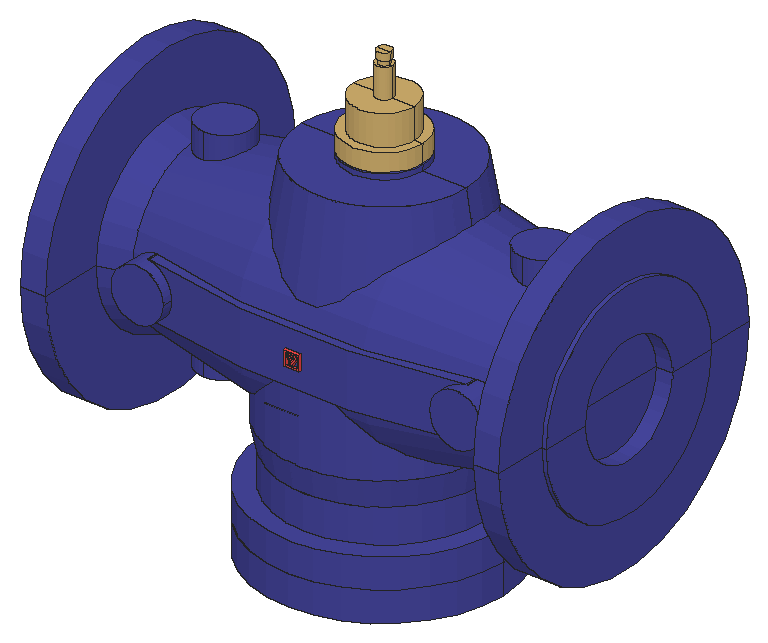
Revit family "Regelventil 4035_PN25", category Rohrzubehör, Revit 2018
Family settings
  Bemaßung runder Anschluss = Durchmesser verwenden
  Teiletyp = Unterbricht
  OmniClass-Nummer = 23.65.55.14
  OmniClass-Titel = Valves for Liquid Services
  Arbeitsebenenbasiert = Nein
  Immer vertikal = Ja
  Beim Laden mit Abzugskörper schneiden = Nein
  Gemeinsam genutzt = Nein
Parameters (values of type "kvs63")
  kvs63 = yes
  kvs6.3 = no
  kvs40 = no
  kvs4 = no
  kvs330 = no
  kvs250 = no
  kvs25 = no
  kvs2.5 = no
  kvs160 = no
  kvs16 = no
  kvs100 = no
  kvs10 = no
  kvs1.6 = no
  kvs1 = no
  Ventilsitz = "WN1.4021"  # constant formula
  Ventilkegel (bis DN50) = "WN1.4021"  # constant formula
  Ventilkegel (ab DN65) = "EN-GJL-250/WN1.4021"  # constant formula
  Ventilcharakteristik = "gleichprozentig"  # constant formula
  URL = "www.herz-armaturen.at"
  Spindel = "WN1.4404"  # constant formula
  SCTWSEQ = "FW;SBT_TYP_FW=\"101\";2"
  SCTWCODE = "04;05;02"  # constant formula
  SCRNSEQ = "ARM;ARM_TYP=\"DURR\";2"
  SCRNCODE = "05;06;02"  # constant formula
  R14 = 4 mm  # constant formula
  R13 = 3 mm  # constant formula
  R12 = 5 mm  # constant formula
  R11 [instance] = size_lookup("4035_PN25", "R11", 18 mm, Nennweite)  # 18 mm
  R10 [instance] = size_lookup("4035_PN25", "R10", 23 mm, Nennweite)  # 23 mm
  R09 [instance] = size_lookup("4035_PN25", "R9", 49 mm, Nennweite)  # 49 mm
  R08 [instance] = R00 + 3 mm  # 68 mm
  R07 [instance] = size_lookup("4035_PN25", "R7", 15.5 mm, Nennweite)  # 15.5 mm
  R06 [instance] = size_lookup("4035_PN25", "R6", 15.5 mm, Nennweite)  # 15.5 mm
  R05 [instance] = size_lookup("4035_PN25", "R5", 62.5 mm, Nennweite)  # 62.5 mm
  R04 [instance] = size_lookup("4035_PN25", "R4", 59.5 mm, Nennweite)  # 59.5 mm
  R03 [instance] = size_lookup("4035_PN25", "R3", 43 mm, Nennweite)  # 71 mm
  R02 [instance] = size_lookup("4035_PN25", "R2", 43 mm, Nennweite)  # 43 mm
  R01 [instance] = size_lookup("4035_PN25", "R1", 55.5 mm, Nennweite)  # 55.5 mm
  R00 [instance] = size_lookup("4035_PN25", "R", 65 mm, Nennweite)  # 65 mm
  PN = 25  # constant formula
  Nennweite [instance] = 65 mm
  Min. Betriebstemperatur = 5 °C  # constant formula
  Medium = "Wasserbeschaffenheit gemäß ÖNORM H 5195 und VDI 2035."
  Max. Betriebstemperatur = 150 °C  # constant formula
  Max. Betriebsdruck = 2500000.0 Pa  # constant formula
  LO1 [instance] = size_lookup("4035_PN25", "LO1", 28.5 mm, Nennweite)  # 68 mm
  L07 [instance] = L06 - R06  # 94.5 mm
  L06 [instance] = size_lookup("4035_PN25", "L6", 110 mm, Nennweite)  # 110 mm
  L05 [instance] = D00  # 92.5 mm
  L03 = 10 mm  # constant formula
  L02 [instance] = size_lookup("4035_PN25", "L2", 15 mm, Nennweite)  # 15 mm
  L01 = 3 mm  # constant formula
  L00 [instance] = size_lookup("4035_PN25", "L", 145 mm, Nennweite)  # 145 mm
  Hersteller = "Herz-Armaturen GmbH"  # constant formula
  H18 [instance] = 17.5 mm  # constant formula
  H15 = 4 mm  # constant formula
  H14 [instance] = size_lookup("4035_PN25", "H14", 17 mm, Nennweite)  # 17 mm
  H13 [instance] = size_lookup("4035_PN25", "H13", 18 mm, Nennweite)  # 18 mm
  H12 [instance] = size_lookup("4035_PN25", "H12", 10.5 mm, Nennweite)  # 10.5 mm
  H11 [instance] = size_lookup("4035_PN25", "H11", 52.5 mm, Nennweite)  # 52.5 mm
  H10 [instance] = size_lookup("4035_PN25", "H10", 135.4 mm, Nennweite)  # 135.4 mm
  H09 = 3 mm  # constant formula
  H08 [instance] = size_lookup("4035_PN25", "H8", 79 mm, Nennweite)  # 79 mm
  H07 [instance] = R00  # 65 mm
  H06 [instance] = size_lookup("4035_PN25", "H6", 59 mm, Nennweite)  # 59 mm
  H05 [instance] = size_lookup("4035_PN25", "H5", 20 mm, Nennweite)  # 20 mm
  H04 [instance] = size_lookup("4035_PN25", "H4", 17 mm, Nennweite)  # 17 mm
  H02 [instance] = size_lookup("4035_PN25", "H2", 38 mm, Nennweite)  # 38 mm
  H03 [instance] = size_lookup("4035_PN25", "H3", 112 mm, Nennweite)  # 112 mm
  H01 [instance] = size_lookup("4035_PN25", "H1", 14 mm, Nennweite)  # 18 mm
  Gewicht [instance] = size_lookup("4035_PN25", "Gewicht", 25, Nennweite)  # 25
  Gehäuse = "EN-GJS-400-18-LT (EN 1563)"  # constant formula
  Dichtungsmaterial = "70EPDM"  # constant formula
  DN80 [instance] = Nennweite = 80 mm  # no
  DN65 [instance] = Nennweite = 65 mm  # yes
  DN50 [instance] = Nennweite = 50 mm  # no
  DN40 [instance] = Nennweite = 40 mm  # no
  DN32 [instance] = Nennweite = 32 mm  # no
  DN25 [instance] = Nennweite = 25 mm  # no
  DN150 [instance] = Nennweite = 150 mm  # no
  DN15 [instance] = Nennweite = 15 mm  # no
  DN125 [instance] = Nennweite = 125 mm  # no
  DN100 [instance] = Nennweite = 100 mm  # no
  D02 [instance] = Nennweite / 2  # 32.5 mm
  D01 [instance] = size_lookup("4035_PN25", "D1", 61 mm, Nennweite)  # 61 mm
  D00 [instance] = size_lookup("4035_PN25", "D", 92.5 mm, Nennweite)  # 92.5 mm
  Bestellnummer [instance] = if(and(kvs1, Nennweite = 15 mm), 403540, if(and(kvs1.6, Nennweite = 15 mm), 403551, if(and(kvs2.5, Nennweite = 15 mm), 403561, if(and(kvs4, Nennweite = 15 mm), 403571, if(and(kvs6.3, Nennweite = 25 mm), 403543, if(and(kvs10, Nennweite = 25 mm), 403553, if(and(kvs16, Nennweite = 32 mm), 403544, if(and(kvs25, Nennweite = 40 mm), 403545, if(and(kvs40, Nennweite = 50 mm), 403556, if(and(kvs63, Nennweite = 65 mm), 403547, if(and(kvs100, Nennweite = 80 mm), 403548, if(and(kvs160, Nennweite = 100 mm), 403549, if(and(kvs250, Nennweite = 125 mm), 403550, if(and(kvs330, Nennweite = 150 mm), 403542, 0))))))))))))))  # 403547
  Anwendungsgebiet = "Das Ventil kann in nahezu allen Heizungs-, Lüftungs- und Klimaanlagen sowie für industrielle und technologische\r\nProzesse eingesetzt werden. Das 3-Wege-Flanschventil ist als Mischventil konzipiert. Es kann zum Mischen oder\r\nzur Umschaltung zwischen zwei eintretenden Mediumsströmen verwendet werden. Die Ventilcharakteristik ist\r\ngleichprozentig. Das Regelungsverhältnis (Verhältnis zwischen nominalem und minimalem Durchfluss) beträgt 30:1. Die\r\nAuswahl des Dreiwege-Flanschventils erfolgt entsprechend dem Diagramm über die kvs-Werte."
  Anschlussflansch = "EN 1092-2"  # constant formula
Types (15, lengths in mm): name | kvs63 | kvs6.3 | kvs40 | kvs4 | kvs330 | kvs250 | kvs25 | kvs2.5 | kvs160 | kvs16 | kvs100 | kvs10 | kvs1.6 | kvs1 | R11 | R10 | R09 | R08 | R07 | R06 | R05 | R04 | R03 | R02 | R01 | R00 | Nennweite | LO1 | L07 | L06 | L05 | L02 | L00 | H14 | H13 | H12 | H11 | H10 | H08 | H07 | H06 | H05 | H04 | H02 | H03 | H01 | Gewicht | DN80 | DN65 | DN50 | DN40 | DN32 | DN25 | DN150 | DN15 | DN125 | DN100 | D02 | D01 | D00 | Bestellnummer | Anwendungsgebiet
  (no name) | yes | no | no | no | no | no | no | no | no | no | no | no | no | no | 18 | 23 | 49 | 68 | 15.5 | 15.5 | 62.5 | 59.5 | 71 | 43 | 55.5 | 65 | 65 | 68 | 94.5 | 110 | 92.5 | 15 | 145 | 17 | 18 | 10.5 | 52.5 | 135.4 | 79 | 65 | 59 | 20 | 17 | 38 | 112 | 18 | 25 | no | yes | no | no | no | no | no | no | no | no | 32.5 | 61 | 92.5 | 403547 | "Das Ventil kann in nahezu allen Heizungs-, Lüftungs- und Klimaanlagen sowie für industrielle und technologische\r\nProzesse eingesetzt werden. Das 3-Wege-Flanschventil ist als Mischventil konzipiert. Es kann zum Mischen oder\r\nzur Umschaltung zwischen zwei eintretenden Mediumsströmen verwendet werden. Die Ventilcharakteristik ist\r\ngleichprozentig. Das Regelungsverhältnis (Verhältnis zwischen nominalem und minimalem Durchfluss) beträgt 30:1. Die\r\nAuswahl des Dreiwege-Flanschventils erfolgt entsprechend dem Diagramm über die kvs-Werte."
  kvs1 | no | no | no | no | no | no | no | no | no | no | no | no | no | yes | 10 | 15 | 19.5 | 29.5 | 6 | 6 | 24 | 21 | 32.5 | 14 | 17 | 26.5 | 15 | 27.5 | 34 | 40 | 47.5 | 11 | 65 | 13 | 14 | 6.8 | 40.8 | 80.3 | 36.5 | 26.5 | 24.5 | 5 | 13 | 11 | 49 | 14 | 5 | no | no | no | no | no | no | no | yes | no | no | 7.5 | 22.5 | 47.5 | 403540 | "Das Ventil kann in nahezu allen Heizungs-, Lüftungs- und Klimaanlagen sowie für industrielle und technologische\r\nProzesse eingesetzt werden. Das 3-Wege-Flanschventil ist als Mischventil konzipiert. Es kann zum Mischen oder\r\nzur Umschaltung zwischen zwei eintretenden Mediumsströmen verwendet werden. Die Ventilcharakteristik ist\r\ngleichprozentig. Das Regelungsverhältnis (Verhältnis zwischen nominalem und minimalem Durchfluss) beträgt 30:1. Die\r\nAuswahl des Dreiwege-Flanschventils erfolgt entsprechend dem Diagramm über die kvs-Werte."
  kvs1.6 | no | no | no | no | no | no | no | no | no | no | no | no | yes | no | 10 | 15 | 19.5 | 29.5 | 6 | 6 | 24 | 21 | 32.5 | 14 | 17 | 26.5 | 15 | 27.5 | 34 | 40 | 47.5 | 11 | 65 | 13 | 14 | 6.8 | 40.8 | 80.3 | 36.5 | 26.5 | 24.5 | 5 | 13 | 11 | 49 | 14 | 5 | no | no | no | no | no | no | no | yes | no | no | 7.5 | 22.5 | 47.5 | 403551 | "Das Ventil kann in nahezu allen Heizungs-, Lüftungs- und Klimaanlagen sowie für industrielle und technologische\r\nProzesse eingesetzt werden. Das 3-Wege-Flanschventil ist als Mischventil konzipiert. Es kann zum Mischen oder\r\nzur Umschaltung zwischen zwei eintretenden Mediumsströmen verwendet werden. Die Ventilcharakteristik ist\r\ngleichprozentig. Das Regelungsverhältnis (Verhältnis zwischen nominalem und minimalem Durchfluss) beträgt 30:1. Die\r\nAuswahl des Dreiwege-Flanschventils erfolgt entsprechend dem Diagramm über die kvs-Werte."
  kvs2.5 | no | no | no | no | no | no | no | yes | no | no | no | no | no | no | 10 | 15 | 19.5 | 29.5 | 6 | 6 | 24 | 21 | 32.5 | 14 | 17 | 26.5 | 15 | 27.5 | 34 | 40 | 47.5 | 11 | 65 | 13 | 14 | 6.8 | 40.8 | 80.3 | 36.5 | 26.5 | 24.5 | 5 | 13 | 11 | 49 | 14 | 5 | no | no | no | no | no | no | no | yes | no | no | 7.5 | 22.5 | 47.5 | 403561 | "Das Ventil kann in nahezu allen Heizungs-, Lüftungs- und Klimaanlagen sowie für industrielle und technologische\r\nProzesse eingesetzt werden. Das 3-Wege-Flanschventil ist als Mischventil konzipiert. Es kann zum Mischen oder\r\nzur Umschaltung zwischen zwei eintretenden Mediumsströmen verwendet werden. Die Ventilcharakteristik ist\r\ngleichprozentig. Das Regelungsverhältnis (Verhältnis zwischen nominalem und minimalem Durchfluss) beträgt 30:1. Die\r\nAuswahl des Dreiwege-Flanschventils erfolgt entsprechend dem Diagramm über die kvs-Werte."
  kvs4 | no | no | no | yes | no | no | no | no | no | no | no | no | no | no | 10 | 15 | 19.5 | 29.5 | 6 | 6 | 24 | 21 | 32.5 | 14 | 17 | 26.5 | 15 | 27.5 | 34 | 40 | 47.5 | 11 | 65 | 13 | 14 | 6.8 | 40.8 | 80.3 | 36.5 | 26.5 | 24.5 | 5 | 13 | 11 | 49 | 14 | 5 | no | no | no | no | no | no | no | yes | no | no | 7.5 | 22.5 | 47.5 | 403571 | "Das Ventil kann in nahezu allen Heizungs-, Lüftungs- und Klimaanlagen sowie für industrielle und technologische\r\nProzesse eingesetzt werden. Das 3-Wege-Flanschventil ist als Mischventil konzipiert. Es kann zum Mischen oder\r\nzur Umschaltung zwischen zwei eintretenden Mediumsströmen verwendet werden. Die Ventilcharakteristik ist\r\ngleichprozentig. Das Regelungsverhältnis (Verhältnis zwischen nominalem und minimalem Durchfluss) beträgt 30:1. Die\r\nAuswahl des Dreiwege-Flanschventils erfolgt entsprechend dem Diagramm über die kvs-Werte."
  kvs6.3 | no | yes | no | no | no | no | no | no | no | no | no | no | no | no | 10 | 15 | 19.5 | 41 | 7 | 7 | 35.5 | 32.5 | 44 | 19.5 | 28.5 | 38 | 25 | 40 | 45 | 52 | 57.5 | 13 | 80 | 13 | 14 | 6.8 | 40.8 | 88.3 | 44.5 | 38 | 35 | 5 | 15 | 3 | 64 | 16 | 8 | no | no | no | no | no | yes | no | no | no | no | 12.5 | 34 | 57.5 | 403543 | "Das Ventil kann in nahezu allen Heizungs-, Lüftungs- und Klimaanlagen sowie für industrielle und technologische\r\nProzesse eingesetzt werden. Das 3-Wege-Flanschventil ist als Mischventil konzipiert. Es kann zum Mischen oder\r\nzur Umschaltung zwischen zwei eintretenden Mediumsströmen verwendet werden. Die Ventilcharakteristik ist\r\ngleichprozentig. Das Regelungsverhältnis (Verhältnis zwischen nominalem und minimalem Durchfluss) beträgt 30:1. Die\r\nAuswahl des Dreiwege-Flanschventils erfolgt entsprechend dem Diagramm über die kvs-Werte."
  kvs10 | no | no | no | no | no | no | no | no | no | no | no | yes | no | no | 10 | 15 | 19.5 | 41 | 7 | 7 | 35.5 | 32.5 | 44 | 19.5 | 28.5 | 38 | 25 | 40 | 45 | 52 | 57.5 | 13 | 80 | 13 | 14 | 6.8 | 40.8 | 88.3 | 44.5 | 38 | 35 | 5 | 15 | 3 | 64 | 16 | 8 | no | no | no | no | no | yes | no | no | no | no | 12.5 | 34 | 57.5 | 403553 | "Das Ventil kann in nahezu allen Heizungs-, Lüftungs- und Klimaanlagen sowie für industrielle und technologische\r\nProzesse eingesetzt werden. Das 3-Wege-Flanschventil ist als Mischventil konzipiert. Es kann zum Mischen oder\r\nzur Umschaltung zwischen zwei eintretenden Mediumsströmen verwendet werden. Die Ventilcharakteristik ist\r\ngleichprozentig. Das Regelungsverhältnis (Verhältnis zwischen nominalem und minimalem Durchfluss) beträgt 30:1. Die\r\nAuswahl des Dreiwege-Flanschventils erfolgt entsprechend dem Diagramm über die kvs-Werte."
  kvs16 | no | no | no | no | no | no | no | no | no | yes | no | no | no | no | 10 | 15 | 20.5 | 46 | 9 | 9 | 40.5 | 37.5 | 49 | 24.5 | 33.5 | 43 | 32 | 45 | 51 | 60 | 70 | 13 | 90 | 17 | 18 | 10.5 | 52.5 | 102 | 46.5 | 43 | 39 | 15 | 15 | 4 | 84 | 16 | 11.5 | no | no | no | no | yes | no | no | no | no | no | 16 | 39 | 70 | 403544 | "Das Ventil kann in nahezu allen Heizungs-, Lüftungs- und Klimaanlagen sowie für industrielle und technologische\r\nProzesse eingesetzt werden. Das 3-Wege-Flanschventil ist als Mischventil konzipiert. Es kann zum Mischen oder\r\nzur Umschaltung zwischen zwei eintretenden Mediumsströmen verwendet werden. Die Ventilcharakteristik ist\r\ngleichprozentig. Das Regelungsverhältnis (Verhältnis zwischen nominalem und minimalem Durchfluss) beträgt 30:1. Die\r\nAuswahl des Dreiwege-Flanschventils erfolgt entsprechend dem Diagramm über die kvs-Werte."
  kvs25 | no | no | no | no | no | no | yes | no | no | no | no | no | no | no | 10 | 15 | 20.5 | 51 | 12 | 12 | 45.5 | 42.5 | 54 | 29 | 38.5 | 48 | 40 | 50 | 56 | 68 | 75 | 13 | 100 | 17 | 18 | 10.5 | 52.5 | 112 | 56.5 | 48 | 43 | 20 | 15 | 1 | 94 | 16 | 13 | no | no | no | yes | no | no | no | no | no | no | 20 | 44 | 75 | 403545 | "Das Ventil kann in nahezu allen Heizungs-, Lüftungs- und Klimaanlagen sowie für industrielle und technologische\r\nProzesse eingesetzt werden. Das 3-Wege-Flanschventil ist als Mischventil konzipiert. Es kann zum Mischen oder\r\nzur Umschaltung zwischen zwei eintretenden Mediumsströmen verwendet werden. Die Ventilcharakteristik ist\r\ngleichprozentig. Das Regelungsverhältnis (Verhältnis zwischen nominalem und minimalem Durchfluss) beträgt 30:1. Die\r\nAuswahl des Dreiwege-Flanschventils erfolgt entsprechend dem Diagramm über die kvs-Werte."
  kvs63 | yes | no | no | no | no | no | no | no | no | no | no | no | no | no | 18 | 23 | 49 | 68 | 15.5 | 15.5 | 62.5 | 59.5 | 71 | 43 | 55.5 | 65 | 65 | 68 | 94.5 | 110 | 92.5 | 15 | 145 | 17 | 18 | 10.5 | 52.5 | 135.4 | 79 | 65 | 59 | 20 | 17 | 38 | 112 | 18 | 25 | no | yes | no | no | no | no | no | no | no | no | 32.5 | 61 | 92.5 | 403547 | "Das Ventil kann in nahezu allen Heizungs-, Lüftungs- und Klimaanlagen sowie für industrielle und technologische\r\nProzesse eingesetzt werden. Das 3-Wege-Flanschventil ist als Mischventil konzipiert. Es kann zum Mischen oder\r\nzur Umschaltung zwischen zwei eintretenden Mediumsströmen verwendet werden. Die Ventilcharakteristik ist\r\ngleichprozentig. Das Regelungsverhältnis (Verhältnis zwischen nominalem und minimalem Durchfluss) beträgt 30:1. Die\r\nAuswahl des Dreiwege-Flanschventils erfolgt entsprechend dem Diagramm über die kvs-Werte."
  kvs100 | no | no | no | no | no | no | no | no | no | no | yes | no | no | no | 18 | 23 | 49 | 76 | 15.5 | 15.5 | 70.5 | 67.5 | 79 | 51 | 63.5 | 73 | 80 | 77 | 99.5 | 115 | 100 | 17 | 155 | 17 | 18 | 10.5 | 52.5 | 168.5 | 113 | 73 | 65 | 20 | 19 | 46 | 125 | 20 | 31 | yes | no | no | no | no | no | no | no | no | no | 40 | 69 | 100 | 403548 | "Das Ventil kann in nahezu allen Heizungs-, Lüftungs- und Klimaanlagen sowie für industrielle und technologische\r\nProzesse eingesetzt werden. Das 3-Wege-Flanschventil ist als Mischventil konzipiert. Es kann zum Mischen oder\r\nzur Umschaltung zwischen zwei eintretenden Mediumsströmen verwendet werden. Die Ventilcharakteristik ist\r\ngleichprozentig. Das Regelungsverhältnis (Verhältnis zwischen nominalem und minimalem Durchfluss) beträgt 30:1. Die\r\nAuswahl des Dreiwege-Flanschventils erfolgt entsprechend dem Diagramm über die kvs-Werte."
  kvs160 | no | no | no | no | no | no | no | no | yes | no | no | no | no | no | 30 | 35 | 61 | 86 | 20.5 | 20.5 | 80.5 | 77.5 | 89 | 61 | 73.5 | 83 | 100 | 88 | 112.5 | 133 | 110 | 17 | 175 | 21 | 22 | 14.2 | 64.2 | 189.7 | 122.5 | 83 | 73 | 25 | 19 | 65 | 135 | 20 | 46 | no | no | no | no | no | no | no | no | no | yes | 50 | 79 | 110 | 403549 | "Das Ventil kann in nahezu allen Heizungs-, Lüftungs- und Klimaanlagen sowie für industrielle und technologische\r\nProzesse eingesetzt werden. Das 3-Wege-Flanschventil ist als Mischventil konzipiert. Es kann zum Mischen oder\r\nzur Umschaltung zwischen zwei eintretenden Mediumsströmen verwendet werden. Die Ventilcharakteristik ist\r\ngleichprozentig. Das Regelungsverhältnis (Verhältnis zwischen nominalem und minimalem Durchfluss) beträgt 30:1. Die\r\nAuswahl des Dreiwege-Flanschventils erfolgt entsprechend dem Diagramm über die kvs-Werte."
  kvs250 | no | no | no | no | no | yes | no | no | no | no | no | no | no | no | 30 | 35 | 61 | 101 | 20.5 | 20.5 | 95.5 | 92.5 | 104 | 76 | 88.5 | 98 | 125 | 103 | 134.5 | 155 | 125 | 19 | 200 | 21 | 22 | 14.2 | 64.2 | 231 | 163.5 | 98 | 80 | 30 | 21 | 44 | 158 | 21 | 72 | no | no | no | no | no | no | no | no | yes | no | 62.5 | 94 | 125 | 403550 | "Das Ventil kann in nahezu allen Heizungs-, Lüftungs- und Klimaanlagen sowie für industrielle und technologische\r\nProzesse eingesetzt werden. Das 3-Wege-Flanschventil ist als Mischventil konzipiert. Es kann zum Mischen oder\r\nzur Umschaltung zwischen zwei eintretenden Mediumsströmen verwendet werden. Die Ventilcharakteristik ist\r\ngleichprozentig. Das Regelungsverhältnis (Verhältnis zwischen nominalem und minimalem Durchfluss) beträgt 30:1. Die\r\nAuswahl des Dreiwege-Flanschventils erfolgt entsprechend dem Diagramm über die kvs-Werte."
  kvs330 | no | no | no | no | yes | no | no | no | no | no | no | no | no | no | 30 | 35 | 61 | 113 | 20.5 | 20.5 | 107.5 | 104.5 | 116 | 88 | 100.5 | 110 | 150 | 115 | 174.5 | 195 | 142.5 | 19 | 240 | 21 | 22 | 14.2 | 64.2 | 237.5 | 170 | 110 | 85 | 25 | 21 | 42 | 153 | 21 | 91 | no | no | no | no | no | no | yes | no | no | no | 75 | 106 | 142.5 | 403542 | "Das Ventil kann in nahezu allen Heizungs-, Lüftungs- und Klimaanlagen sowie in industriellen und technologischen\r\nProzessen eingesetzt werden. Die Ventilcharakteristik ist gleichprozentig. Das Regelungsverhältnis (Verhältnis\r\nzwischen nominalem und minimalem Durchfluss) beträgt 30:1. Die Auswahl des 2-Wege-Flanschventils erfolgt mittels\r\nentsprechendem Diagramm über die kvs-Werte."
  kvs40 | no | no | yes | no | no | no | no | no | no | no | no | no | no | no | 18 | 23 | 49 | 56 | 13.5 | 13.5 | 52.5 | 49.5 | 61 | 34 | 45.5 | 53 | 50 | 56 | 66.5 | 80 | 82.5 | 15 | 115 | 17 | 18 | 10.5 | 52.5 | 122 | 66.5 | 53 | 43 | 1 | 15 | 42 | 67 | 18 | 16 | no | no | yes | no | no | no | no | no | no | no | 25 | 51 | 82.5 | 403556 | "Das Ventil kann in nahezu allen Heizungs-, Lüftungs- und Klimaanlagen sowie für industrielle und technologische\r\nProzesse eingesetzt werden. Das 3-Wege-Flanschventil ist als Mischventil konzipiert. Es kann zum Mischen oder\r\nzur Umschaltung zwischen zwei eintretenden Mediumsströmen verwendet werden. Die Ventilcharakteristik ist\r\ngleichprozentig. Das Regelungsverhältnis (Verhältnis zwischen nominalem und minimalem Durchfluss) beträgt 30:1. Die\r\nAuswahl des Dreiwege-Flanschventils erfolgt entsprechend dem Diagramm über die kvs-Werte."
Reference planes
  plane 1 "Mitte (Vorne/hinten)": y = 0
  plane 2: z = 0
  plane 3 "Mitte (Links/rechts)": x = 0
Forms (mm)
  Revolve 1, solid, material "kunststoff-BLAU", detail levels fine
    sketch origin (1065, 0, 0) x (1, 0, 0) y (0, 1, 0)
      loop
        line (-1207, 61) -> (-1210, 61) -> (-1210, 32.5) -> (-1200, 32.5) -> (-1200, 0) -> (-930, 0) -> (-930, 32.5) -> (-920, 32.5) -> (-920, 61) -> (-923, 61) -> (-923, 92.5) -> (-938, 92.5) -> (-938, 55.5) -> (-955, 49.943)
        arc (-955, 49.943) -> (-1065, 65) -> (-1175, 49.943) r 409.331
        line (-1175, 49.943) -> (-1192, 55.5) -> (-1192, 92.5) -> (-1207, 92.5) -> (-1207, 61)
      axis (-920, 0) -> (-1210, 0)
    angle from 0 to 360
  Extrusion 2, solid, material "kunststoff-BLAU", detail levels fine
    sketch origin (0, 0, 0) x (-1, 0, 0) y (0, 0, -1)
      loop
        circle (94.5, 0) r 15.5
      loop
        circle (-94.5, 0) r 15.5
    from -65 to 65
  Extrusion 3, solid, material "kunststoff-BLAU", visible <- "DN65", detail levels fine
    sketch origin (0, 0, 0) x (1, 0, 0) y (0, 1, 0)
      loop
        arc (-95, -56.907) -> (0, -68) -> (95, -56.907) r 412.331
        line (95, -56.907) -> (95, 56.907)
        arc (95, 56.907) -> (0, 68) -> (-95, 56.907) r 412.331
        line (-95, 56.907) -> (-95, -56.907)
    from -15.5 to 15.5
  Revolve 4, solid, material "kunststoff-BLAU", detail levels fine
    sketch origin (0, 0, 0) x (1, 0, 0) y (0, 0, 1)
      loop
        line (-49, 79) -> (-62.5, 0) -> (0, 0) -> (0, 82) -> (-23, 82) -> (-23, 79) -> (-49, 79)
      axis (0, 82) -> (0, 0)
    angle from 0 to 360
  Revolve 5, solid, material "kunststoff-BLAU", detail levels fine
    sketch origin (0, 0, 0) x (1, 0, 0) y (0, 0, 1)
      loop
        line (0, 0) -> (-62.5, 0) -> (-62.5, -59) -> (-59.5, -74.5) -> (-59.5, -94.5) -> (-71, -94.5) -> (-71, -112) -> (0, -112) -> (0, 0)
      axis (0, 0) -> (0, -112)
    angle from 0 to 360
  Revolve 6, solid, material "kunststoff-BLAU", detail levels fine
    sketch origin (0, 0, 0) x (1, 0, 0) y (0, 0, 1)
      loop
        line (0, -112) -> (-71, -112) -> (-71, -130) -> (0, -130) -> (0, -112)
      axis (0, -112) -> (0, -130)
    angle from 0 to 360
  Extrusion 7, solid, material "kunststoff-BLAU", detail levels fine
    sketch origin (0, 0, 0) x (0, -1, 0) y (1, 0, 0)
      loop
        circle (0, -94.5) r 15.5
      loop
        circle (0, 94.5) r 15.5
    from -65 to 65
  Extrusion 8, solid, material "kunststoff-BLAU", visible <- "DN150", detail levels fine
    sketch origin (0, 0, 0) x (1, 0, 0) y (0, 1, 0)
      loop
        arc (-179.5, -78.475) -> (0, -115) -> (179.5, -78.475) r 459.331
        line (179.5, -78.475) -> (179.5, 78.475)
        arc (179.5, 78.475) -> (0, 115) -> (-179.5, 78.475) r 459.331
        line (-179.5, 78.475) -> (-179.5, -78.475)
    from -20.5 to 20.5
  Extrusion 9, solid, material "kunststoff-BLAU", visible <- "DN125", detail levels fine
    sketch origin (0, 0, 0) x (1, 0, 0) y (0, 1, 0)
      loop
        arc (-134.5, -82.301) -> (0, -103) -> (134.5, -82.301) r 447.331
        line (134.5, -82.301) -> (134.5, 82.301)
        arc (134.5, 82.301) -> (0, 103) -> (-134.5, 82.301) r 447.331
        line (-134.5, 82.301) -> (-134.5, -82.301)
    from -20.5 to 20.5
  Extrusion 10, solid, material "kunststoff-BLAU", visible <- "DN100", detail levels fine
    sketch origin (0, 0, 0) x (1, 0, 0) y (0, 1, 0)
      loop
        arc (-112.5, -73.106) -> (0, -88) -> (112.5, -73.106) r 432.331
        line (112.5, -73.106) -> (112.5, 73.106)
        arc (112.5, 73.106) -> (0, 88) -> (-112.5, 73.106) r 432.331
        line (-112.5, 73.106) -> (-112.5, -73.106)
    from -20.5 to 20.5
  Extrusion 11, solid, material "kunststoff-BLAU", visible <- "DN80", detail levels fine
    sketch origin (0, 0, 0) x (1, 0, 0) y (0, 1, 0)
      loop
        line (99.5, -65.083) -> (99.5, 65.083)
        arc (99.5, 65.083) -> (0, 77) -> (-99.5, 65.083) r 421.331
        line (-99.5, 65.083) -> (-99.5, -65.083)
        arc (-99.5, -65.083) -> (0, -77) -> (99.5, -65.083) r 421.331
    from -15.5 to 15.5
  Extrusion 12, solid, material "kunststoff-BLAU", visible <- "DN50", detail levels fine
    sketch origin (0, 0, 0) x (1, 0, 0) y (0, 1, 0)
      loop
        arc (-66.5, -50.44) -> (0, -56.006) -> (66.5, -50.44) r 400.05
        line (66.5, -50.44) -> (66.5, 50.44)
        arc (66.5, 50.44) -> (0, 56.006) -> (-66.5, 50.44) r 400.05
        line (-66.5, 50.44) -> (-66.5, -50.44)
    from -13.5 to 13.5
  Extrusion 13, solid, material "kunststoff-BLAU", visible <- "DN40", detail levels fine
    sketch origin (0, 0, 0) x (1, 0, 0) y (0, 1, 0)
      loop
        arc (-56, -46.003) -> (0, -50) -> (56, -46.003) r 394.331
        line (56, -46.003) -> (56, 46.003)
        arc (56, 46.003) -> (0, 50) -> (-56, 46.003) r 394.331
        line (-56, 46.003) -> (-56, -46.003)
    from -12 to 12
  Extrusion 14, solid, material "kunststoff-BLAU", visible <- "DN32", detail levels fine
    sketch origin (0, 0, 0) x (1, 0, 0) y (0, 1, 0)
      loop
        arc (-51, -41.645) -> (0, -45) -> (51, -41.645) r 389.331
        line (51, -41.645) -> (51, 41.645)
        arc (51, 41.645) -> (0, 45) -> (-51, 41.645) r 389.331
        line (-51, 41.645) -> (-51, -41.645)
    from -9 to 9
  Extrusion 15, solid, material "kunststoff-BLAU", visible <- "DN25", detail levels fine
    sketch origin (0, 0, 0) x (1, 0, 0) y (0, 1, 0)
      loop
        line (45, -37.356) -> (45, 37.356)
        arc (45, 37.356) -> (0, 40) -> (-45, 37.356) r 384.331
        line (-45, 37.356) -> (-45, -37.356)
        arc (-45, -37.356) -> (0, -40) -> (45, -37.356) r 384.331
    from -7 to 7
  Extrusion 16, solid, material "kunststoff-BLAU", visible <- "DN15", detail levels fine
    sketch origin (0, 0, 0) x (1, 0, 0) y (0, 1, 0)
      loop
        line (-34, 25.942) -> (-34, -25.942)
        arc (-34, -25.942) -> (0, -27.5) -> (34, -25.942) r 371.831
        line (34, -25.942) -> (34, 25.942)
        arc (34, 25.942) -> (0, 27.5) -> (-34, 25.942) r 371.831
    from -6 to 6
  Revolve 17, solid, material "Messing-poliert", detail levels fine
    sketch origin (0, 0, 0) x (1, 0, 0) y (0, 0, 1)
      loop
        line (-23, 93.4) -> (-23, 82.9) -> (0, 82.9) -> (0, 135.4) -> (-4, 135.4) -> (-4, 131.4) -> (-3, 131.4) -> (-3, 128.4) -> (-5, 128.4) -> (-5, 111.4) -> (-18, 111.4) -> (-18, 93.4) -> (-23, 93.4)
      axis (0, 135.4) -> (0, 82.9)
    angle from 0 to 360
Lines and regions (mm)
  model lines, detail levels coarse+medium
    curve 1: line (145, 92.5, 0) -> (145, -92.5, 0)
    curve 2: line (145, -92.5, 0) -> (-145, 92.5, 0)
    curve 3: line (-145, 92.5, 0) -> (-145, -92.5, 0)
    curve 4: line (-145, -92.5, 0) -> (145, 92.5, 0)
    curve 5: line (145, 0, 92.5) -> (145, 0, -92.5)
    curve 6: line (145, 0, -92.5) -> (-145, 0, 92.5)
    curve 7: line (-145, 0, 92.5) -> (-145, 0, -92.5)
    curve 8: line (-145, 0, -92.5) -> (145, 0, 92.5)
Dimensions and locks
  "L00": Revolve 1 sketch curve to plane 3 "Mitte (Links/rechts)" to Revolve 1 sketch curve
  "D00": plane 1 "Mitte (Vorne/hinten)" to Revolve 1 sketch curve  (x2)
  "D02": plane 1 "Mitte (Vorne/hinten)" to Revolve 1 sketch curve  (x2)
  "L01": Revolve 1 sketch curve to Revolve 1 sketch curve  (x2)
  "L02": Revolve 1 sketch curve to Revolve 1 sketch curve  (x2)
  "D01": plane 1 "Mitte (Vorne/hinten)" to Revolve 1 sketch curve  (x2)
  "R01": plane 1 "Mitte (Vorne/hinten)" to Revolve 1 sketch curve  (x2)
  "R00": Revolve 1 sketch curve to Revolve 1 sketch curve
  "L03": Revolve 1 sketch curve to Revolve 1 sketch curve  (x2)
  "H01": Revolve 6 sketch curve to Revolve 6 sketch curve
  "R03": plane 3 "Mitte (Links/rechts)" to Revolve 6 sketch curve
  "R03": Revolve 5 sketch curve to Revolve 5 sketch curve
  "H03": plane 2 to Revolve 5 sketch curve
  "H06": Revolve 5 sketch curve to Revolve 5 sketch curve
  "R04": Revolve 5 sketch curve to Revolve 5 sketch curve
  "R05": Revolve 5 sketch curve to Revolve 5 sketch curve
  "H05": Revolve 5 sketch curve to Revolve 5 sketch curve
  "L06": Revolve 1 sketch curve to plane 3 "Mitte (Links/rechts)" to Revolve 1 sketch curve
  "H03": plane 2 to Revolve 6 sketch curve
  "R09": Revolve 4 sketch curve to Revolve 4 sketch curve
  "R05": Revolve 4 sketch curve to Revolve 4 sketch curve
  "H07": Extrusion 7 to plane 2 to Extrusion 7  (x2)
  "L07": plane 3 "Mitte (Links/rechts)" to Extrusion 7 sketch curve
  "L07": Extrusion 7 sketch curve to plane 3 "Mitte (Links/rechts)"
  "H07": Extrusion 2 to plane 1 "Mitte (Vorne/hinten)"  (x3)
  "L07": plane 3 "Mitte (Links/rechts)" to Extrusion 2 sketch curve
  "L07": Extrusion 2 sketch curve to plane 3 "Mitte (Links/rechts)"
  "H07": plane 1 "Mitte (Vorne/hinten)" to Extrusion 2
  "H08": Revolve 4 sketch curve to plane 2
  "H09": Revolve 4 sketch curve to Revolve 4 sketch curve
  "R10": plane 3 "Mitte (Links/rechts)" to Revolve 4 sketch curve
  "H11": Revolve 17 sketch curve to Revolve 17 sketch curve
  "H10": Revolve 17 sketch curve to plane 2
  "R10": plane 3 "Mitte (Links/rechts)" to Revolve 17 sketch curve
  "H12": Revolve 17 sketch curve to Revolve 17 sketch curve
  "H13": Revolve 17 sketch curve to Revolve 17 sketch curve
  "H14": Revolve 17 sketch curve to Revolve 17 sketch curve
  "H15": Revolve 17 sketch curve to Revolve 17 sketch curve
  "R14": plane 3 "Mitte (Links/rechts)" to Revolve 17 sketch curve
  "R13": plane 3 "Mitte (Links/rechts)" to Revolve 17 sketch curve
  "R11": plane 3 "Mitte (Links/rechts)" to Revolve 17 sketch curve
  "R12": plane 3 "Mitte (Links/rechts)" to Revolve 17 sketch curve
  "LO1": nested 1 to plane 1 "Mitte (Vorne/hinten)"
  "H18": Revolve 5 sketch curve to Revolve 6
  "L00": curve 3 to plane 3 "Mitte (Links/rechts)" to curve 1
  "D00": curve 4 to plane 1 "Mitte (Vorne/hinten)" to curve 3
  "D00": curve 2 to plane 1 "Mitte (Vorne/hinten)" to curve 4
  "L00": curve 7 to plane 3 "Mitte (Links/rechts)" to curve 5
  "D00": curve 8 to plane 2 to curve 6
  "D00": curve 7 to plane 2 to curve 8
  "R06": radius of Extrusion 7 sketch curve  (x2)
  "R07": radius of Extrusion 2 sketch curve  (x2)
  aligned and locked: level to plane 2
Automatic sketch dimensions
  Extrusion 3 sketch curve to plane 1 "Mitte (Vorne/hinten)" = 56.907 mm  (x2)
  Extrusion 3 sketch curve to plane 3 "Mitte (Links/rechts)" = 0 mm  (x2)
  Extrusion 3 sketch curve to Extrusion 3 sketch curve = 113.814 mm
  Extrusion 3 sketch curve to Extrusion 3 sketch curve = 287.425 mm
  Extrusion 3 sketch curve to plane 1 "Mitte (Vorne/hinten)" = 344.331 mm
  plane 3 "Mitte (Links/rechts)" to Extrusion 3 sketch curve = 95 mm
  Extrusion 8 sketch curve to plane 3 "Mitte (Links/rechts)" = 0 mm  (x2)
  Extrusion 8 sketch curve to plane 1 "Mitte (Vorne/hinten)" = 78.475 mm  (x2)
  plane 1 "Mitte (Vorne/hinten)" to Extrusion 8 sketch curve = 78.475 mm
  Extrusion 8 sketch curve to plane 3 "Mitte (Links/rechts)" = 179.5 mm
  Extrusion 8 sketch curve to Extrusion 8 sketch curve = 265.857 mm
  Extrusion 8 sketch curve to plane 1 "Mitte (Vorne/hinten)" = 344.331 mm
  plane 3 "Mitte (Links/rechts)" to Extrusion 9 sketch curve = 134.5 mm
  plane 1 "Mitte (Vorne/hinten)" to Extrusion 9 sketch curve = 82.301 mm  (x2)
  Extrusion 9 sketch curve to plane 3 "Mitte (Links/rechts)" = 0 mm  (x2)
  Extrusion 9 sketch curve to Extrusion 9 sketch curve = 262.031 mm  (x2)
  Extrusion 9 sketch curve to plane 1 "Mitte (Vorne/hinten)" = 82.301 mm
  Extrusion 10 sketch curve to plane 3 "Mitte (Links/rechts)" = 0 mm  (x2)
  plane 1 "Mitte (Vorne/hinten)" to Extrusion 10 sketch curve = 73.106 mm
  Extrusion 10 sketch curve to plane 3 "Mitte (Links/rechts)" = 112.5 mm
  Extrusion 10 sketch curve to Extrusion 10 sketch curve = 271.225 mm
  Extrusion 10 sketch curve to plane 1 "Mitte (Vorne/hinten)" = 344.331 mm
  Extrusion 10 sketch curve to plane 1 "Mitte (Vorne/hinten)" = 73.106 mm  (x2)
  Extrusion 11 sketch curve to plane 3 "Mitte (Links/rechts)" = 0 mm  (x2)
  plane 1 "Mitte (Vorne/hinten)" to Extrusion 11 sketch curve = 65.083 mm  (x2)
  Extrusion 11 sketch curve to plane 3 "Mitte (Links/rechts)" = 99.5 mm
  Extrusion 11 sketch curve to Extrusion 11 sketch curve = 279.249 mm
  Extrusion 11 sketch curve to plane 1 "Mitte (Vorne/hinten)" = 344.331 mm
  Extrusion 11 sketch curve to plane 1 "Mitte (Vorne/hinten)" = 65.083 mm
  Extrusion 12 sketch curve to plane 3 "Mitte (Links/rechts)" = 0 mm  (x2)
  Extrusion 12 sketch curve to plane 3 "Mitte (Links/rechts)" = 66.5 mm
  plane 3 "Mitte (Links/rechts)" to Extrusion 12 sketch curve = 66.5 mm
  plane 1 "Mitte (Vorne/hinten)" to Extrusion 12 sketch curve = 344.044 mm
  plane 1 "Mitte (Vorne/hinten)" to Extrusion 12 sketch curve = 50.44 mm
  Extrusion 12 sketch curve to plane 1 "Mitte (Vorne/hinten)" = 50.44 mm
  Extrusion 12 sketch curve to Extrusion 12 sketch curve = 293.604 mm
  Extrusion 13 sketch curve to plane 3 "Mitte (Links/rechts)" = 0 mm  (x2)
  Extrusion 13 sketch curve to plane 3 "Mitte (Links/rechts)" = 56 mm
  plane 3 "Mitte (Links/rechts)" to Extrusion 13 sketch curve = 56 mm
  plane 1 "Mitte (Vorne/hinten)" to Extrusion 13 sketch curve = 344.331 mm
  plane 1 "Mitte (Vorne/hinten)" to Extrusion 13 sketch curve = 46.003 mm
  Extrusion 13 sketch curve to plane 1 "Mitte (Vorne/hinten)" = 46.003 mm
  Extrusion 13 sketch curve to Extrusion 13 sketch curve = 298.328 mm
  Extrusion 14 sketch curve to plane 3 "Mitte (Links/rechts)" = 0 mm  (x2)
  Extrusion 14 sketch curve to plane 3 "Mitte (Links/rechts)" = 51 mm
  plane 3 "Mitte (Links/rechts)" to Extrusion 14 sketch curve = 51 mm
  plane 1 "Mitte (Vorne/hinten)" to Extrusion 14 sketch curve = 344.331 mm
  plane 1 "Mitte (Vorne/hinten)" to Extrusion 14 sketch curve = 41.645 mm
  Extrusion 14 sketch curve to plane 1 "Mitte (Vorne/hinten)" = 41.645 mm
  Extrusion 14 sketch curve to Extrusion 14 sketch curve = 302.686 mm
  Extrusion 15 sketch curve to plane 3 "Mitte (Links/rechts)" = 0 mm  (x2)
  Extrusion 15 sketch curve to plane 3 "Mitte (Links/rechts)" = 45 mm
  plane 3 "Mitte (Links/rechts)" to Extrusion 15 sketch curve = 45 mm
  plane 1 "Mitte (Vorne/hinten)" to Extrusion 15 sketch curve = 344.331 mm
  plane 1 "Mitte (Vorne/hinten)" to Extrusion 15 sketch curve = 37.356 mm
  Extrusion 15 sketch curve to plane 1 "Mitte (Vorne/hinten)" = 37.356 mm
  Extrusion 15 sketch curve to Extrusion 15 sketch curve = 306.975 mm
  Extrusion 16 sketch curve to plane 3 "Mitte (Links/rechts)" = 0 mm  (x2)
  Extrusion 16 sketch curve to plane 3 "Mitte (Links/rechts)" = 34 mm
  plane 3 "Mitte (Links/rechts)" to Extrusion 16 sketch curve = 34 mm
  plane 1 "Mitte (Vorne/hinten)" to Extrusion 16 sketch curve = 344.331 mm
  plane 1 "Mitte (Vorne/hinten)" to Extrusion 16 sketch curve = 25.942 mm
  Extrusion 16 sketch curve to plane 1 "Mitte (Vorne/hinten)" = 25.942 mm
  Extrusion 16 sketch curve to Extrusion 16 sketch curve = 318.389 mm
  Revolve 1 sketch curve to plane 1 "Mitte (Vorne/hinten)" = 0 mm
  Revolve 1 sketch curve to plane 3 "Mitte (Links/rechts)" = 0 mm
  plane 1 "Mitte (Vorne/hinten)" to Revolve 1 sketch curve = 0 mm
  plane 1 "Mitte (Vorne/hinten)" to Revolve 1 sketch curve = 344.331 mm
  Revolve 1 sketch curve to Revolve 1 sketch curve = 1855 mm  (x2)
  Extrusion 2 sketch curve to level = 0 mm  (x2)
  Revolve 4 sketch curve to level = 0 mm
  Revolve 4 sketch curve to plane 3 "Mitte (Links/rechts)" = 0 mm  (x2)
  Revolve 4 sketch curve to Revolve 4 sketch curve = 366.045 mm
  Revolve 4 sketch curve to Revolve 4 sketch curve = 2132.315 mm
  Revolve 5 sketch curve to level = 0 mm
  Revolve 5 sketch curve to plane 3 "Mitte (Links/rechts)" = 0 mm  (x2)
  Revolve 5 sketch curve to Revolve 5 sketch curve = 254.045 mm
  level to Revolve 5 sketch curve = 2214.315 mm
  Revolve 6 sketch curve to plane 3 "Mitte (Links/rechts)" = 0 mm  (x2)
  Revolve 6 sketch curve to Revolve 6 sketch curve = 0 mm
  level to Revolve 6 sketch curve = 2214.315 mm
  plane 1 "Mitte (Vorne/hinten)" to Extrusion 7 sketch curve = 0 mm  (x2)
  Revolve 17 sketch curve to plane 3 "Mitte (Links/rechts)" = 0 mm  (x2)
  Revolve 17 sketch curve to level = 366.045 mm
  Revolve 17 sketch curve to Revolve 17 sketch curve = 2079.815 mm
Nested families
  nested 1: "Herz-Logo-vorne" at (-0.018, -68, 0) x (0, 1, 0) z (0, 0, 1), type "Herz-Logo-vorne", detail levels fine
Connectors
  piping at (-145, 0, 0), diameter 65, driven by "Nennweite"
    settings: on Revolve 1, index 1, connector inside diameter 609.6 mm, connector length 0 mm, flow factor 0, pipe flow 0.0 L/s, pressure drop 0.0 Pa, fitting loss kfactor 0, connector angle 0.00°, fixture units 0, engagement length 0 mm, angle of deflection 0.00°, flow configuration 0, flow direction 1, fitting loss method 0, system type 29, joint type 0, gender type 0, connector reference index -1, connector utility 0, adjustable connector no, is connector primary yes, connector description ""
  piping at (145, 0, 0), diameter 65, driven by "Nennweite"
    settings: on Revolve 1, index 2, connector inside diameter 609.6 mm, connector length 0 mm, flow factor 0, pipe flow 0.0 L/s, pressure drop 0.0 Pa, fitting loss kfactor 0, connector angle 0.00°, fixture units 0, engagement length 0 mm, angle of deflection 0.00°, flow configuration 0, flow direction 2, fitting loss method 0, system type 29, joint type 0, gender type 0, connector reference index -1, connector utility 0, adjustable connector no, is connector primary no, connector description ""
Definition of nested family "Herz-Logo-vorne"
  Reference planes
    plane 1 "Mitte (Vorne/hinten)": y = 0
    plane 2: z = 0
    plane 3 "Mitte (Links/rechts)": x = 0
  Forms (mm)
    Extrusion 1, solid
      sketch origin (0.732, -0.018, 0.017) x (0, -1, 0) y (0, 0, 1)
        loop
          line (-0.018, -4.517) -> (4.482, -4.517) -> (4.482, 4.483) -> (-4.518, 4.483) -> (-4.518, -4.517) -> (-0.018, -4.517)
        loop
          line (-0.05, -3.48) -> (3.482, -3.48) -> (3.482, 3.483) -> (-3.518, 3.483) -> (-3.518, -3.48) -> (-0.05, -3.48)
        loop
          arc (-0.018, 2.383) -> (-1.543, 3.287) -> (-3.067, 2.383) r 1.738
          arc (-3.067, 2.383) -> (-3.191, 1.899) -> (-3.067, 1.415) r 1.009
          line (-3.067, 1.415) -> (-0.018, -3.281) -> (3.032, 1.415)
          arc (3.032, 1.415) -> (3.156, 1.899) -> (3.032, 2.383) r 1.009
          arc (3.032, 2.383) -> (1.507, 3.287) -> (-0.018, 2.383) r 1.738
        loop
          arc (1.885, 1.272) -> (2.005, 1.675) -> (1.885, 2.079) r 0.74
          arc (1.885, 2.079) -> (1.265, 2.416) -> (0.644, 2.079) r 0.74
          line (0.644, 2.079) -> (-0.018, 0.97) -> (-0.679, 2.079)
          arc (-0.679, 2.079) -> (-1.3, 2.416) -> (-1.921, 2.079) r 0.74
          arc (-1.921, 2.079) -> (-2.04, 1.675) -> (-1.921, 1.272) r 0.74
          line (-1.921, 1.272) -> (-0.018, -1.658) -> (1.885, 1.272)
      from 0 to 1.5
  Dimensions and locks
    aligned and locked: level to plane 2
